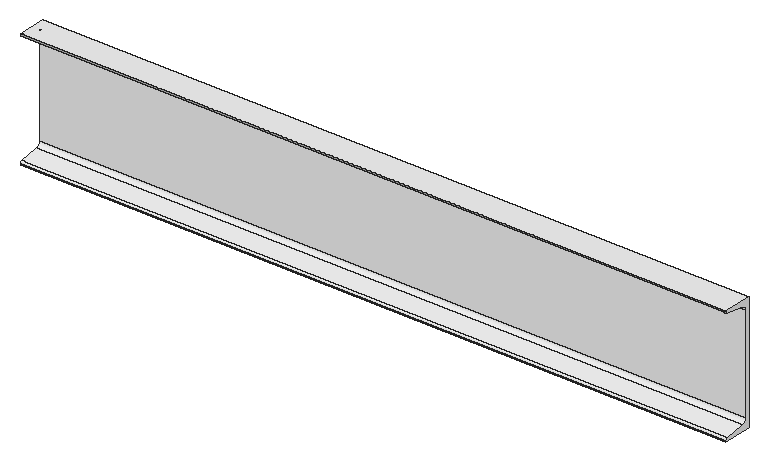
Revit family "M_MC Formas", category Quadro estrutural, Revit 2019
Family settings
  Arredondamento do comprimento do framing estrutural = 0.10 mm
  Forma do corte = Canal em C com flange inclinado
  Material para o comportamento do modelo = Aço
  Exportar sempre como geometria = Não
  Family Name Key = M_MC Shapes
  Nome do código = AISC 14.1
  Número OmniClass = 23.25.30.11.14.14
  Título OmniClass = Beams
  ID de item do Seek = MC-Shapes-0000-CAN-ENU
  Sempre na vertical = Sim
  Corte com vazios quando carregada = Não
  Representação simbólica = Das configurações de projeto
  Compartilhado = Não
  Exibir o pré-corte da família na vista da planta = Sim
Parameters (values of type "MC200X12.6")
  Largura = 47.50 mm
  Espessura da teia = 4.5500 mm
  Concordância da teia = 7.9000 mm
  Constante da empena = 2200000000.0 mm6
  Momento de inércia de torção = 24400.00 mm4
  Structural Material [instance] = Aço, 45-345
  Ângulo inclinado da flange = 9.46234°
  Chave do nome do corte = ""
  Section Area = 1610.0 mm²
  Plastic Modulus weak axis = 14300.0 mm³
  Plastic Modulus strong axis = 114000.0 mm³
  Nominal Weight = 123.56 N/m
  Moment of Inertia weak axis = 26 cm⁴
  Moment of Inertia strong axis = 970 cm⁴
  Height = 203.00 mm
  Flange Thickness Location = 21.475 mm
  Flange Thickness = 7.9 mm
  Flange Fillet = 3.95 mm
  Elastic Modulus weak axis = 7060.0 mm³
  Elastic Modulus strong axis = 95400.0 mm³
  Centroid Vertical = Height / 2  # 101.5 mm
  Centroid Horizontal = 10.90 mm
  Bolt Spacing = 28.575 mm
  Assembly Code = ""
  Length [instance] = 1500.00 mm
Reference planes
  plane 1 "Centro (Frente/Trás)": y = 0
  plane 2: z = 0
  plane 3 "Centro (Esquerda/Direita)": x = 4.61
  plane 4 "Membro esquerdo": x = -604.99
  plane 5 "Membro direito": x = 614.21
  plane 6 "Superior": z = 101.5
  plane 7: z = -101.5
  plane 8 "Direita": x = 766.61
  plane 9 "Esquerda": x = -733.39
  plane 10: y = 10.9
  plane 11: y = -36.6
Forms (mm)
  Sweep 1, solid, material "Aço, 45-345" <- "Structural Material", detail levels medium
    path origin (0, 0, 0) x (1, 0, 0) y (0, 1, 0)
      loop
        line (-604.99, 0) -> (614.21, 0)
    profile "Perfil em formato C médio : Perfil em formato C médio" origin (4.61, 0, 0) x (0, 1, 0) y (0, 0, 1)
      loop
        line (-36.6, 101.5) -> (-36.6, 97.179) -> (-15.125, 93.6) -> (6.35, 90.021) -> (6.35, -90.021) -> (-15.125, -93.6) -> (-36.6, -97.179) -> (-36.6, -101.5) -> (10.9, -101.5) -> (10.9, 101.5) -> (-36.6, 101.5)
  Sweep 2, solid, material "Aço, 45-345" <- "Structural Material", detail levels fine
    path origin (0, 0, 0) x (1, 0, 0) y (0, 1, 0)
      loop
        line (-604.99, 0) -> (614.21, 0)
    profile "Perfil em formato C fino : Perfil em formato C fino" origin (4.61, 0, 0) x (0, 1, 0) y (0, 0, 1)
      loop
        line (-36.6, 101.5) -> (-36.6, 100.525)
        arc (-36.6, 100.525) -> (-35.664, 97.972) -> (-33.299, 96.629) r 3.95
        line (-33.299, 96.629) -> (-15.125, 93.6) -> (-0.251, 91.121)
        arc (-0.251, 91.121) -> (4.478, 88.435) -> (6.35, 83.329) r 7.9
        line (6.35, 83.329) -> (6.35, -83.329)
        arc (6.35, -83.329) -> (4.478, -88.435) -> (-0.251, -91.121) r 7.9
        line (-0.251, -91.121) -> (-15.125, -93.6) -> (-33.299, -96.629)
        arc (-33.299, -96.629) -> (-35.664, -97.972) -> (-36.6, -100.525) r 3.95
        line (-36.6, -100.525) -> (-36.6, -101.5) -> (10.9, -101.5) -> (10.9, 101.5) -> (-36.6, 101.5)
Lines and regions (mm)
  symbolic lines, style "Faces ocultas", detail levels medium+fine
    curve 1: line (-604.99, 6.35, 0) -> (614.21, 6.35, 0)
    curve 2: line (-604.99, 0, 97.179) -> (614.21, 0, 97.179)
    curve 3: line (614.21, 0, 90.021) -> (-604.99, 0, 90.021)
    curve 4: line (-604.99, 0, -90.021) -> (614.21, 0, -90.021)
    curve 5: line (614.21, 0, -97.179) -> (-604.99, 0, -97.179)
  symbolic lines, style "Símbolos de vara", detail levels coarse
    curve 6: line (-733.39, -36.6, 101.5) -> (-733.39, 10.9, 101.5)
    curve 7: line (-733.39, 10.9, 101.5) -> (-733.39, 10.9, -101.5)
    curve 8: line (-733.39, 10.9, -101.5) -> (-733.39, -36.6, -101.5)
Dimensions and locks
  "Height": plane 7 to plane 6 "Superior"
  equal spacing: plane 7, plane 2, plane 6 "Superior"
  "Length": plane 9 "Esquerda" to plane 8 "Direita"
  "Centroid Horizontal": plane 10 to plane 1 "Centro (Frente/Trás)"
  "Largura": plane 10 to plane 11
  aligned and locked: plane 1 "Centro (Frente/Trás)" to Sweep 1 sketch curve
  aligned and locked: plane 1 "Centro (Frente/Trás)" to Sweep 2 sketch curve
  aligned and locked: curve 1 to Sweep 1
  aligned and locked: curve 3 to Sweep 1
  aligned and locked: curve 4 to Sweep 1
  aligned and locked: curve 5 to Sweep 1
  aligned and locked: curve 2 to Sweep 1
  aligned and locked: Sweep 2 to plane 6 "Superior"
  aligned and locked: Sweep 2 to plane 10
  aligned and locked: plane 7 to Sweep 2
  aligned and locked: plane 4 "Membro esquerdo" to Sweep 1 sketch curve
  aligned and locked: plane 5 "Membro direito" to Sweep 1 sketch curve
  aligned and locked: plane 4 "Membro esquerdo" to Sweep 2 sketch curve
  aligned and locked: plane 5 "Membro direito" to Sweep 2 sketch curve
  aligned and locked: plane 4 "Membro esquerdo" to curve 1
  aligned and locked: plane 5 "Membro direito" to curve 1
  aligned and locked: plane 4 "Membro esquerdo" to curve 2
  aligned and locked: plane 5 "Membro direito" to curve 2
  aligned and locked: plane 4 "Membro esquerdo" to curve 3
  aligned and locked: plane 5 "Membro direito" to curve 3
  aligned and locked: plane 4 "Membro esquerdo" to curve 4
  aligned and locked: plane 5 "Membro direito" to curve 4
  aligned and locked: plane 4 "Membro esquerdo" to curve 5
  aligned and locked: plane 5 "Membro direito" to curve 5
  aligned and locked: curve 6 to plane 6 "Superior"
  aligned and locked: plane 11 to curve 6
  aligned and locked: curve 7 to plane 10
  aligned and locked: plane 7 to curve 8
  aligned and locked: plane 11 to curve 8
Types in the file's own list only (39): name | Largura | Espessura da teia | Concordância da teia | Constante da empena | Momento de inércia de torção | Ângulo inclinado da flange | Chave do nome do corte | Área de corte | Eixo fraco do módulo plástico | Eixo forte do módulo plástico | Peso nominal | Eixo fraco do momento de inércia | Eixo forte do momento de inércia | Altura | Localização da espessura do flange | Espessura do flange | Concordância do flange | Eixo fraco do módulo de elasticidade | Eixo forte do módulo de elasticidade | Centróide vertical | Centróide horizontal | Espaçamento do parafuso
  MC460X86 | 107.0000 mm | 17.8000 mm | 15.9000 mm | 287000000000.0 mm6 | 1170000.00 mm4 | 9.46° | "MC18X58" | 11000.0 mm² | 175000.0 mm³ | 1560000.0 mm³ | 86.00 kgf/m | 7330000.00 mm4 | 281000000.00 mm4 | 457.0000 mm | 44.6000 mm | 15.9000 mm | 7.9500 mm | 86500.0 mm³ | 1230000.0 mm³ | 228.5000 mm | 21.9000 mm | 63.500 mm
  MC460X77.2 | 104.0000 mm | 15.2000 mm | 15.9000 mm | 265000000000.0 mm6 | 845000.00 mm4 | 9.46° | "MC18X51.9" | 9870.0 mm² | 162000.0 mm³ | 1430000.0 mm³ | 77.20 kgf/m | 6780000.00 mm4 | 261000000.00 mm4 | 457.0000 mm | 44.4000 mm | 15.9000 mm | 7.9500 mm | 82300.0 mm³ | 1140000.0 mm³ | 228.5000 mm | 21.8000 mm | 63.500 mm
  MC460X68.2 | 102.0000 mm | 12.7000 mm | 15.9000 mm | 241000000000.0 mm6 | 604000.00 mm4 | 9.46° | "MC18X45.8" | 8710.0 mm² | 150000.0 mm³ | 1300000.0 mm³ | 68.20 kgf/m | 6200000.00 mm4 | 241000000.00 mm4 | 457.0000 mm | 44.6500 mm | 15.9000 mm | 7.9500 mm | 78200.0 mm³ | 1050000.0 mm³ | 228.5000 mm | 22.0000 mm | 63.500 mm
  MC460X63.5 | 100.0000 mm | 11.4000 mm | 15.9000 mm | 229000000000.0 mm6 | 512000.00 mm4 | 9.46° | "MC18X42.7" | 8130.0 mm² | 145000.0 mm³ | 1230000.0 mm³ | 63.50 kgf/m | 5950000.00 mm4 | 231000000.00 mm4 | 457.0000 mm | 44.3000 mm | 15.9000 mm | 7.9500 mm | 76000.0 mm³ | 1010000.0 mm³ | 228.5000 mm | 22.3000 mm | 63.500 mm
  MC330X74 | 112.0000 mm | 20.0000 mm | 15.5000 mm | 150000000000.0 mm6 | 1230000.00 mm4 | 9.46° | "MC13X50" | 9480.0 mm² | 167000.0 mm³ | 996000.0 mm³ | 74.00 kgf/m | 6830000.00 mm4 | 131000000.00 mm4 | 330.0000 mm | 46.0000 mm | 15.5000 mm | 7.7500 mm | 78200.0 mm³ | 791000.0 mm³ | 165.0000 mm | 24.7000 mm | 63.500 mm
  MC330X60 | 106.0000 mm | 14.2000 mm | 15.5000 mm | 124000000000.0 mm6 | 645000.00 mm4 | 9.46° | "MC13X40" | 7550.0 mm² | 142000.0 mm³ | 839000.0 mm³ | 60.00 kgf/m | 5700000.00 mm4 | 114000000.00 mm4 | 330.0000 mm | 45.9000 mm | 15.5000 mm | 7.7500 mm | 69500.0 mm³ | 687000.0 mm³ | 165.0000 mm | 24.5000 mm | 63.500 mm
  MC330X52 | 103.0000 mm | 11.4000 mm | 15.5000 mm | 111000000000.0 mm6 | 470000.00 mm4 | 9.46° | "MC13X35" | 6650.0 mm² | 132000.0 mm³ | 762000.0 mm³ | 52.00 kgf/m | 5120000.00 mm4 | 105000000.00 mm4 | 330.0000 mm | 45.8000 mm | 15.5000 mm | 7.7500 mm | 65100.0 mm³ | 636000.0 mm³ | 165.0000 mm | 24.9000 mm | 63.500 mm
  MC330X47.3 | 102.0000 mm | 9.5300 mm | 15.5000 mm | 102000000000.0 mm6 | 390000.00 mm4 | 9.46° | "MC13X31.8" | 6030.0 mm² | 126000.0 mm³ | 711000.0 mm³ | 47.30 kgf/m | 4750000.00 mm4 | 99500000.00 mm4 | 330.0000 mm | 46.2350 mm | 15.5000 mm | 7.7500 mm | 62100.0 mm³ | 601000.0 mm³ | 165.0000 mm | 25.4000 mm | 63.500 mm
  MC310X74 | 105.0000 mm | 21.2000 mm | 17.8000 mm | 110000000000.0 mm6 | 1340000.00 mm4 | 9.46° | "MC12X50" | 9480.0 mm² | 179000.0 mm³ | 926000.0 mm³ | 74.00 kgf/m | 7240000.00 mm4 | 112000000.00 mm4 | 305.0000 mm | 41.9000 mm | 17.8000 mm | 8.9000 mm | 92400.0 mm³ | 736000.0 mm³ | 152.5000 mm | 26.7000 mm | 63.500 mm
  MC310X67 | 102.0000 mm | 18.0000 mm | 17.8000 mm | 100000000000.0 mm6 | 970000.00 mm4 | 9.46° | "MC12X45" | 8520.0 mm² | 166000.0 mm³ | 852000.0 mm³ | 67.00 kgf/m | 6580000.00 mm4 | 104000000.00 mm4 | 305.0000 mm | 42.0000 mm | 17.8000 mm | 8.9000 mm | 86900.0 mm³ | 687000.0 mm³ | 152.5000 mm | 26.4000 mm | 63.500 mm
  MC310X60 | 98.8000 mm | 15.0000 mm | 17.8000 mm | 90200000000.0 mm6 | 703000.00 mm4 | 9.46° | "MC12X40" | 7610.0 mm² | 153000.0 mm³ | 782000.0 mm³ | 60.00 kgf/m | 5910000.00 mm4 | 97400000.00 mm4 | 305.0000 mm | 41.9000 mm | 17.8000 mm | 8.9000 mm | 81600.0 mm³ | 639000.0 mm³ | 152.5000 mm | 26.4000 mm | 63.500 mm
  MC310X52 | 95.8000 mm | 11.8000 mm | 17.8000 mm | 79800000000.0 mm6 | 516000.00 mm4 | 9.46° | "MC12X35" | 6650.0 mm² | 141000.0 mm³ | 708000.0 mm³ | 52.00 kgf/m | 5240000.00 mm4 | 89900000.00 mm4 | 305.0000 mm | 42.0000 mm | 17.8000 mm | 8.9000 mm | 76000.0 mm³ | 590000.0 mm³ | 152.5000 mm | 26.7000 mm | 63.500 mm
  MC310X46 | 93.2000 mm | 9.4000 mm | 17.8000 mm | 71700000000.0 mm6 | 416000.00 mm4 | 9.46° | "MC12X31" | 5880.0 mm² | 134000.0 mm³ | 651000.0 mm³ | 46.00 kgf/m | 4700000.00 mm4 | 84100000.00 mm4 | 305.0000 mm | 41.9000 mm | 17.8000 mm | 8.9000 mm | 71600.0 mm³ | 552000.0 mm³ | 152.5000 mm | 27.4000 mm | 57.150 mm
  MC310X21.3 | 53.8480 mm | 6.3500 mm | 8.0000 mm | 8810000000.0 mm6 | 48700.00 mm4 | 9.46° | "MC12X14.3" | 2700.0 mm² | 19800.0 mm³ | 261000.0 mm³ | 21.30 kgf/m | 416000.00 mm4 | 31700000.00 mm4 | 305.0000 mm | 23.7490 mm | 7.9502 mm | 3.0000 mm | 9410.0 mm³ | 208000.0 mm³ | 152.5000 mm | 9.5800 mm | 31.750 mm
  MC310X15.8 | 38.1000 mm | 4.8300 mm | 7.9000 mm | 3140000000.0 mm6 | 24800.00 mm4 | 9.46° | "MC12X10.6" | 2000.0 mm² | 10400.0 mm³ | 190000.0 mm³ | 15.80 kgf/m | 157000.00 mm4 | 23000000.00 mm4 | 305.0000 mm | 16.6350 mm | 7.8500 mm | 3.9250 mm | 5030.0 mm³ | 151000.0 mm³ | 152.5000 mm | 6.8300 mm | 0.000 mm
  MC250X61.2 | 110.0000 mm | 20.2000 mm | 14.6000 mm | 72200000000.0 mm6 | 941000.00 mm4 | 9.46° | "MC10X41.1" | 7810.0 mm² | 156000.0 mm³ | 644000.0 mm³ | 61.20 kgf/m | 6530000.00 mm4 | 65300000.00 mm4 | 254.0000 mm | 44.9000 mm | 14.6000 mm | 7.3000 mm | 79500.0 mm³ | 516000.0 mm³ | 127.0000 mm | 27.7000 mm | 63.500 mm
  MC250X50 | 104.0000 mm | 14.6000 mm | 14.6000 mm | 60200000000.0 mm6 | 499000.00 mm4 | 9.46° | "MC10X33.6" | 6370.0 mm² | 136000.0 mm³ | 552000.0 mm³ | 50.00 kgf/m | 5450000.00 mm4 | 57900000.00 mm4 | 254.0000 mm | 44.7000 mm | 14.6000 mm | 7.3000 mm | 71300.0 mm³ | 456000.0 mm³ | 127.0000 mm | 27.7000 mm | 63.500 mm
  MC250X42.4 | 100.0000 mm | 10.8000 mm | 14.6000 mm | 51800000000.0 mm6 | 329000.00 mm4 | 9.46° | "MC10X28.5" | 5400.0 mm² | 124000.0 mm³ | 492000.0 mm³ | 42.40 kgf/m | 4700000.00 mm4 | 52400000.00 mm4 | 254.0000 mm | 44.6000 mm | 14.6000 mm | 7.3000 mm | 65400.0 mm³ | 415000.0 mm³ | 127.0000 mm | 28.4000 mm | 63.500 mm
  MC250X37 | 86.6000 mm | 9.6500 mm | 14.6000 mm | 33300000000.0 mm6 | 266000.00 mm4 | 9.46° | "MC10X25" | 4740.0 mm² | 92600.0 mm³ | 429000.0 mm³ | 37.00 kgf/m | 3020000.00 mm4 | 45800000.00 mm4 | 254.0000 mm | 38.4750 mm | 14.6000 mm | 7.3000 mm | 48500.0 mm³ | 361000.0 mm³ | 127.0000 mm | 24.2000 mm | 50.800 mm
  MC250X33 | 84.3000 mm | 7.3700 mm | 14.6000 mm | 29500000000.0 mm6 | 212000.00 mm4 | 9.46° | "MC10X22" | 4160.0 mm² | 86700.0 mm³ | 392000.0 mm³ | 33.00 kgf/m | 2660000.00 mm4 | 42500000.00 mm4 | 254.0000 mm | 38.4650 mm | 14.6000 mm | 7.3000 mm | 45100.0 mm³ | 336000.0 mm³ | 127.0000 mm | 25.1000 mm | 50.800 mm
  MC250X12.5 | 38.1000 mm | 4.3200 mm | 7.1000 mm | 1880000000.0 mm6 | 17200.00 mm4 | 9.46° | "MC10X8.4" | 1590.0 mm² | 8980.0 mm³ | 130000.0 mm³ | 12.50 kgf/m | 136000.00 mm4 | 13300000.00 mm4 | 254.0000 mm | 16.8900 mm | 7.1100 mm | 3.5550 mm | 4390.0 mm³ | 105000.0 mm³ | 127.0000 mm | 7.2100 mm | 0.000 mm
  MC250X9.7 | 29.7000 mm | 3.8600 mm | 5.1000 mm | 741000000.0 mm6 | 7950.00 mm4 | 9.46° | "MC10X6.5" | 1260.0 mm² | 4650.0 mm³ | 96700.0 mm³ | 9.70 kgf/m | 55400.00 mm4 | 9530000.00 mm4 | 254.0000 mm | 12.9200 mm | 5.1300 mm | 2.5650 mm | 2250.0 mm³ | 75200.0 mm³ | 127.0000 mm | 4.9300 mm | 0.000 mm
  MC230X37.8 | 88.9000 mm | 11.4000 mm | 14.0000 mm | 27900000000.0 mm6 | 288000.00 mm4 | 9.46° | "MC9X25.4" | 4820.0 mm² | 93400.0 mm³ | 385000.0 mm³ | 37.80 kgf/m | 3150000.00 mm4 | 36600000.00 mm4 | 229.0000 mm | 38.7500 mm | 14.0000 mm | 7.0000 mm | 49000.0 mm³ | 320000.0 mm³ | 114.5000 mm | 24.6000 mm | 50.800 mm
  MC230X35.6 | 87.6000 mm | 10.2000 mm | 14.0000 mm | 26300000000.0 mm6 | 249000.00 mm4 | 9.46° | "MC9X23.9" | 4530.0 mm² | 90300.0 mm³ | 369000.0 mm³ | 35.60 kgf/m | 2970000.00 mm4 | 35300000.00 mm4 | 229.0000 mm | 38.7000 mm | 14.0000 mm | 7.0000 mm | 47400.0 mm³ | 310000.0 mm³ | 114.5000 mm | 24.9000 mm | 50.800 mm
  MC200X33.9 | 88.9000 mm | 10.8000 mm | 13.3000 mm | 20200000000.0 mm6 | 238000.00 mm4 | 9.46° | "MC8X22.8" | 4320.0 mm² | 88000.0 mm³ | 313000.0 mm³ | 33.90 kgf/m | 2920000.00 mm4 | 26600000.00 mm4 | 203.0000 mm | 39.0500 mm | 13.3000 mm | 6.6500 mm | 46000.0 mm³ | 261000.0 mm³ | 101.5000 mm | 25.7000 mm | 50.800 mm
  MC200X31.8 | 87.6000 mm | 9.5300 mm | 13.3000 mm | 19000000000.0 mm6 | 206000.00 mm4 | 9.46° | "MC8X21.4" | 4050.0 mm² | 84900.0 mm³ | 298000.0 mm³ | 31.80 kgf/m | 2740000.00 mm4 | 25600000.00 mm4 | 203.0000 mm | 39.0350 mm | 13.3000 mm | 6.6500 mm | 44400.0 mm³ | 252000.0 mm³ | 101.5000 mm | 25.9000 mm | 50.800 mm
  MC200X29.8 | 77.0000 mm | 10.2000 mm | 12.7000 mm | 12800000000.0 mm6 | 184000.00 mm4 | 9.46° | "MC8X20" | 3790.0 mm² | 63300.0 mm³ | 269000.0 mm³ | 29.80 kgf/m | 1840000.00 mm4 | 22600000.00 mm4 | 203.0000 mm | 33.4000 mm | 12.7000 mm | 6.3500 mm | 33100.0 mm³ | 223000.0 mm³ | 101.5000 mm | 21.3000 mm | 50.800 mm
  MC200X27.8 | 75.7000 mm | 8.9700 mm | 12.7000 mm | 12100000000.0 mm6 | 158000.00 mm4 | 9.46° | "MC8X18.7" | 3550.0 mm² | 61000.0 mm³ | 256000.0 mm³ | 27.80 kgf/m | 1730000.00 mm4 | 21800000.00 mm4 | 203.0000 mm | 33.3650 mm | 12.7000 mm | 6.3500 mm | 32000.0 mm³ | 215000.0 mm³ | 101.5000 mm | 21.6000 mm | 50.800 mm
  MC180X33.8 | 91.4000 mm | 12.8000 mm | 12.7000 mm | 15700000000.0 mm6 | 260000.00 mm4 | 9.46° | "MC7X22.7" | 4300.0 mm² | 88200.0 mm³ | 269000.0 mm³ | 33.80 kgf/m | 3010000.00 mm4 | 19700000.00 mm4 | 178.0000 mm | 39.3000 mm | 12.7000 mm | 3.0000 mm | 46400.0 mm³ | 221000.0 mm³ | 89.0000 mm | 26.4000 mm | 50.800 mm
  MC180X28.4 | 87.6000 mm | 8.9400 mm | 12.7000 mm | 13200000000.0 mm6 | 169000.00 mm4 | 9.46° | "MC7X19.1" | 3620.0 mm² | 79500.0 mm³ | 238000.0 mm³ | 28.40 kgf/m | 2520000.00 mm4 | 17900000.00 mm4 | 178.0000 mm | 39.3300 mm | 12.7000 mm | 3.0000 mm | 41800.0 mm³ | 202000.0 mm³ | 89.0000 mm | 27.4000 mm | 50.800 mm
  MC150X26.8 | 88.9000 mm | 9.6300 mm | 12.1000 mm | 9290000000.0 mm6 | 158000.00 mm4 | 9.46° | "MC6X18" | 3410.0 mm² | 76700.0 mm³ | 192000.0 mm³ | 26.80 kgf/m | 2450000.00 mm4 | 12400000.00 mm4 | 152.0000 mm | 39.6350 mm | 12.1000 mm | 2.0000 mm | 40500.0 mm³ | 162000.0 mm³ | 76.0000 mm | 28.4000 mm | 50.800 mm
  MC150X22.8 | 88.9000 mm | 8.6400 mm | 9.8000 mm | 8060000000.0 mm6 | 92800.00 mm4 | 9.46° | "MC6X15.3" | 2900.0 mm² | 63100.0 mm³ | 162000.0 mm³ | 22.80 kgf/m | 2040000.00 mm4 | 10500000.00 mm4 | 152.0000 mm | 40.1300 mm | 9.7800 mm | 2.0000 mm | 32900.0 mm³ | 138000.0 mm³ | 76.0000 mm | 26.7000 mm | 50.800 mm
  MC150X24.3 | 76.2000 mm | 9.5300 mm | 12.1000 mm | 5930000000.0 mm6 | 140000.00 mm4 | 9.46° | "MC6X16.3" | 3090.0 mm² | 56900.0 mm³ | 170000.0 mm³ | 24.30 kgf/m | 1570000.00 mm4 | 10800000.00 mm4 | 152.0000 mm | 33.3350 mm | 12.1000 mm | 6.0500 mm | 29800.0 mm³ | 142000.0 mm³ | 76.0000 mm | 23.5000 mm | 44.450 mm
  MC150X22.5 | 74.7000 mm | 8.0300 mm | 12.1000 mm | 5500000000.0 mm6 | 119000.00 mm4 | 9.46° | "MC6X15.1" | 2860.0 mm² | 54100.0 mm³ | 161000.0 mm³ | 22.50 kgf/m | 1440000.00 mm4 | 10400000.00 mm4 | 152.0000 mm | 33.3350 mm | 12.1000 mm | 6.0500 mm | 28300.0 mm³ | 136000.0 mm³ | 76.0000 mm | 23.9000 mm | 44.450 mm
  MC150X17.9 | 63.5000 mm | 7.8700 mm | 9.5000 mm | 3030000000.0 mm6 | 64500.00 mm4 | 9.46° | "MC6X12" | 2280.0 mm² | 32300.0 mm³ | 122000.0 mm³ | 17.90 kgf/m | 770000.00 mm4 | 7780000.00 mm4 | 152.0000 mm | 27.8150 mm | 9.5300 mm | 4.7650 mm | 16900.0 mm³ | 102000.0 mm³ | 76.0000 mm | 17.9000 mm | 38.100 mm
  MC150X10.4 | 47.8000 mm | 4.5500 mm | 7.4000 mm | 1070000000.0 mm6 | 19300.00 mm4 | 9.46° | "MC6X7" | 1350.0 mm² | 14200.0 mm³ | 73700.0 mm³ | 10.40 kgf/m | 251000.00 mm4 | 4750000.00 mm4 | 152.0000 mm | 21.6250 mm | 7.3900 mm | 3.0000 mm | 7190.0 mm³ | 62400.0 mm³ | 76.0000 mm | 12.7000 mm | 0.000 mm
  MC150X9.7 | 47.0000 mm | 3.9400 mm | 7.4000 mm | 1010000000.0 mm6 | 17100.00 mm4 | 9.46° | "MC6X6.5" | 1260.0 mm² | 13700.0 mm³ | 70100.0 mm³ | 9.70 kgf/m | 235000.00 mm4 | 4580000.00 mm4 | 152.0000 mm | 21.5300 mm | 7.3900 mm | 3.0000 mm | 6920.0 mm³ | 60000.0 mm³ | 76.0000 mm | 13.0000 mm | 0.000 mm
  MC100X20.5 | 63.5000 mm | 12.7000 mm | 12.7000 mm | 1300000000.0 mm6 | 155000.00 mm4 | 9.46° | "MC4X13.8" | 2600.0 mm² | 39300.0 mm³ | 90600.0 mm³ | 20.50 kgf/m | 887000.00 mm4 | 3680000.00 mm4 | 102.0000 mm | 25.4000 mm | 12.7000 mm | 6.3500 mm | 21100.0 mm³ | 72600.0 mm³ | 51.0000 mm | 21.6000 mm | 0.000 mm
  MC75X10.6 | 49.3000 mm | 7.9200 mm | 8.9000 mm | 246000000.0 mm6 | 38600.00 mm4 | 9.46° | "MC3X7.1" | 1360.0 mm² | 16400.0 mm³ | 36700.0 mm³ | 10.60 kgf/m | 277000.00 mm4 | 1130000.00 mm4 | 76.2000 mm | 20.6900 mm | 8.9200 mm | 4.4600 mm | 8490.0 mm³ | 29700.0 mm³ | 38.1000 mm | 16.6000 mm | 0.000 mm
